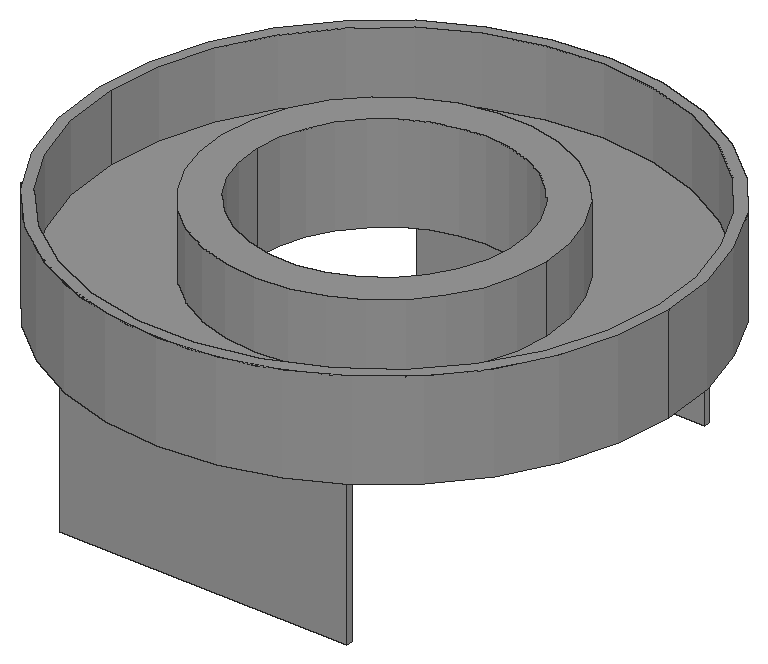
Revit family "Nivellierbare Kassette für Tubus, RKFRNUZD3, 20-25, 4", category Generic Models, Revit 2015
Parameters (values of type "RKFRN2UZD3R4VS25")
  URL = "http://www.obo-bettermann.com"
  Material = Stainless Steel
  Manufacturer Art.No. = "7409444"
  Manufacturer = "OBO Bettermann"
  Height 1 = 36.5 mm
  Height = 94 mm
  GTIN = "4012195869580"
  Diameter 1 = 206 mm
  Diameter = 214 mm
  Cut depth = 25 mm
  Article Type = "RKFRN2UZD3R4VS25"
Types (3, lengths in mm): name | Material | Manufacturer Art.No. | GTIN | Cut depth | Article Type
  (no name) | Stainless Steel | "7409444" | "4012195869580" | 25 | "RKFRN2UZD3R4VS25"
  RKFRN2UZD3R4VS20 | Stainless Steel, Polished | "7409442" | "4012195869573" | 20 | "RKFRN2UZD3R4VS20"
  RKFRN2UZD3R4VS25 | Stainless Steel | "7409444" | "4012195869580" | 25 | "RKFRN2UZD3R4VS25"
Reference planes
  plane 1 "Center (Front/Back)": y = 0
  plane 2: z = 0
  plane 3 "Center (Left/Right)": x = 0
  plane 4: z = 57.5
  plane 5: y = 99.5
  plane 6: y = -99.5
  plane 7: z = 94
  plane 8: z = 69
Forms (mm)
  Extrusion 1, solid, material "Stainless Steel" <- "Material"
    sketch origin (0, 0, 0) x (1, 0, 0) y (0, 1, 0)
      loop
        line (-54, 85) -> (-54, 83) -> (54, 83) -> (54, 85) -> (-54, 85)
      loop
        line (-54, -83) -> (-54, -85) -> (54, -85) -> (54, -83) -> (-54, -83)
    from 0 to 57.5
  Extrusion 2, solid, material "Stainless Steel" <- "Material"
    sketch origin (0, 0, 0) x (1, 0, 0) y (0, 1, 0)
      loop
        circle (0, 0) r 107
    from 57.5 to 94
  Extrusion 3, void
    sketch origin (0, 0, 0) x (1, 0, 0) y (0, 1, 0)
      loop
        circle (0, 0) r 103
      loop
        circle (0, 0) r 61
    from 69 to 94
  Extrusion 4, void
    sketch origin (0, 0, 0) x (1, 0, 0) y (0, 1, 0)
      loop
        circle (0, 0) r 47.77
    from 57.5 to 94
Cuts and joins
  Extrusion 3 cuts Extrusion 1
  Extrusion 3, Extrusion 4 cuts Extrusion 2
Dimensions and locks
  "Height 1": plane 7 to plane 4
  locked: Extrusion 1 sketch curve to Extrusion 1 sketch curve at 108  (x2)
  locked: Extrusion 1 sketch curve to Extrusion 1 sketch curve at 2  (x2)
  "Cut depth": plane 7 to plane 8
  locked: plane 5 to plane 6 at 199
  equal spacing: plane 5, plane 1 "Center (Front/Back)", plane 6, locked at 99.5 each
  equal spacing: Extrusion 1 sketch curve, plane 3 "Center (Left/Right)", Extrusion 1 sketch curve, locked at 54 each  (x2)
  locked: Extrusion 1 sketch curve to Extrusion 1 sketch curve at 166
  equal spacing: Extrusion 1 sketch curve, plane 1 "Center (Front/Back)", Extrusion 1 sketch curve, locked at 83 each
  "Height": plane 7 to level
  "Diameter": diameter of Extrusion 2 sketch curve
  "Diameter 1": diameter of Extrusion 3 sketch curve
  aligned and locked: level to plane 2
  aligned and locked: plane 7 to Extrusion 2
  aligned and locked: cut or joined group of Extrusion 2, Extrusion 3, Extrusion 4 to Extrusion 3
  aligned and locked: Extrusion 3 to plane 8
  aligned and locked: Extrusion 2 to Extrusion 4  (x2)
  aligned and locked: Extrusion 1 to level
  aligned and locked: plane 4 to Extrusion 1
  aligned and locked: Extrusion 2 to plane 4
Automatic sketch dimensions
  plane 1 "Center (Front/Back)" to Extrusion 2 sketch curve = 0 mm
  Extrusion 2 sketch curve to plane 3 "Center (Left/Right)" = 0 mm
  Extrusion 3 sketch curve to Extrusion 3 sketch curve = 0 mm  (x2)
  plane 1 "Center (Front/Back)" to Extrusion 3 sketch curve = 0 mm
  Extrusion 3 sketch curve to plane 3 "Center (Left/Right)" = 0 mm
  plane 1 "Center (Front/Back)" to Extrusion 4 sketch curve = 0 mm
  Extrusion 4 sketch curve to plane 3 "Center (Left/Right)" = 0 mm
  radius of Extrusion 3 sketch curve = 61 mm
  radius of Extrusion 4 sketch curve = 47.77 mm
